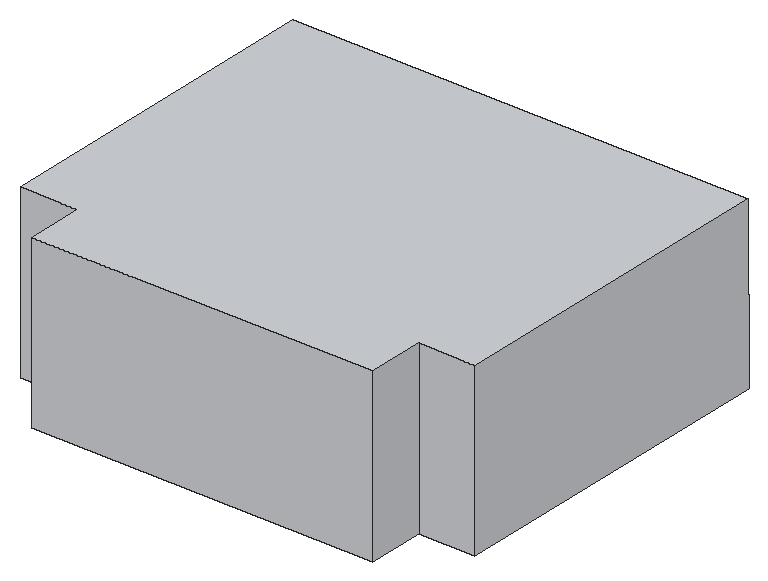
Revit family "M_T de redução retangular - DTL", category Conexões de duto, Revit 2019
Family settings
  Cota do conector redondo = Utilizar diâmetro
  Tipo de parte = Tê
  Número OmniClass = 23.75.70.14
  Título OmniClass = Air Ductwork
  ID de item do Seek = Rectangular Reducing Tee - DTL-0000-CAN-ENU
  Com base no plano de trabalho = Não
  Sempre na vertical = Sim
  Corte com vazios quando carregada = Não
  Compartilhado = Não
Parameters (values of type "Padrão")
  Saída reta à direita [instance] = 150 mm
  Saída reta à esquerda [instance] = 150 mm
  Entrada reta à direita [instance] = 150 mm
  Entrada reta à esquerda [instance] = 150 mm
  Deslocamento [instance] = (Saída da largura à esquerda - Saída da largura à direita) * 0.25 + Saída de meia largura à direita  # 450 mm
  Entrada de largura [instance] = 900 mm
  Saída da largura à direita [instance] = 900 mm
  Saída da largura à esquerda [instance] = 900 mm
  Comprimento 8 [instance] = 3048 mm + abs(Saída de meia largura à direita - Saída de meia largura à esquerda) / 2  # 3048 mm
  Saída de meia largura à direita [instance] = Saída da largura à direita / 2  # 450 mm
  Saída de meia largura à esquerda [instance] = Saída da largura à esquerda / 2  # 450 mm
  Comprimento 7 [instance] = Comprimento 6 + Saída da largura à direita / 2  # 1050 mm
  Comprimento 6 [instance] = if(Saída da largura à esquerda > Saída da largura à direita, Comprimento 5 - Saída de meia largura à direita, Comprimento 5 - Saída de meia largura à direita)  # 600 mm
  Comprimento 5 [instance] = if(Saída da largura à esquerda > Saída da largura à direita, Saída da largura à esquerda + Entrada reta à esquerda, Saída da largura à direita + Entrada reta à direita)  # 1050 mm
  Comprimento 4 [instance] = Entrada de largura / 2 + Saída reta à direita  # 600 mm
  Comprimento 3 [instance] = Entrada de largura / 2 + Saída reta à esquerda  # 600 mm
  Entrada de profundidade [instance] = 450 mm
Reference planes
  plane 1 "Centro (Frente/Trás)": y = 0
  plane 2: z = 0
  plane 3 "Centro (Esquerda/Direita)": x = 0
  plane 4: y = 450
  plane 5: y = 0
  plane 6: y = 0
  plane 7: y = -600
  plane 8: y = -3048
  plane 9: y = 0
  plane 10: y = 0.254
Forms (mm)
  Sweep 1, solid, detail levels medium+fine
    path in 3D
      loop
        line (0, 0, 0) -> (-600, 0, 0)
    profile "M_Duto - Retangular : Duto - Retangular 1" origin (-300, 0, 0) x (0, -1, 0) y (0, 0, 1)
      loop
        line (-450, 225) -> (-450, -225) -> (450, -225) -> (450, 225) -> (-450, 225)
  Sweep 2, solid, detail levels medium+fine
    path in 3D
      loop
        line (0, 0, 0) -> (600, 0, 0)
    profile "M_Duto - Retangular : Duto - Retangular 2" origin (300, 0, 0) x (0, 1, 0) y (0, 0, 1)
      loop
        line (-450, 225) -> (-450, -225) -> (450, -225) -> (450, 225) -> (-450, 225)
  Sweep 3, solid, detail levels medium+fine
    path in 3D
      loop
        line (0, 450, 0) -> (0, -600, 0)
    profile "M_Duto - Retangular : Duto - Retangular 3" origin (0, -75, 0) x (1, 0, 0) y (0, 0, 1)
      loop
        line (-450, 225) -> (-450, -225) -> (450, -225) -> (450, 225) -> (-450, 225)
Cuts and joins
  joined: Sweep 1, Sweep 2, Sweep 3
Lines and regions (mm)
  model lines, detail levels coarse
    curve 1: line (0, 0, 0) -> (-600, 0, 0)
    curve 2: line (0, 0, 0) -> (600, 0, 0)
    curve 9: line (0, 0.254, 0) -> (0, -600, 0)
  sketch lines
    curve 3: line (0, 0, 0) -> (-600, 0, 0)
    curve 4: line (0, 0, 0) -> (600, 0, 0)
    curve 6: line (0, 450, 0) -> (0, -600, 0)
  reference lines
    curve 5: line (0, 450, 0) -> (0, -600, 0)
    curve 7: line (0, -600, 0) -> (0, 450, 0)
    curve 8: line (0, 1217.724, 0) -> (0, 658.924, 0)
Dimensions and locks
  "Deslocamento": plane 1 "Centro (Frente/Trás)" to plane 4
  "Saída de meia largura à direita": plane 5 to plane 4
  "Saída de meia largura à esquerda": plane 6 to plane 4
  "Comprimento 3": curve 1 to curve 1
  "Comprimento 4": curve 2 to curve 2
  "Comprimento 5": curve 5 to curve 5
  "Comprimento 6": plane 7 to plane 5
  "Comprimento 7": curve 7 to curve 7
  locked: plane 1 "Centro (Frente/Trás)" to plane 8 at 3048
  "Comprimento 8": plane 9 to plane 8
  locked: plane 10 to plane 9 at 0.254
  aligned and locked: plane 6 to curve 1
  aligned and locked: plane 3 "Centro (Esquerda/Direita)" to curve 2
  aligned and locked: plane 4 to curve 5
  aligned and locked: curve 5 to plane 3 "Centro (Esquerda/Direita)"
  aligned and locked: plane 7 to curve 7
  aligned and locked: plane 3 "Centro (Esquerda/Direita)" to curve 7
  aligned and locked: curve 8 to plane 3 "Centro (Esquerda/Direita)"
  aligned and locked: plane 10 to curve 9
  aligned and locked: plane 7 to curve 9
  aligned and locked: curve 9 to plane 3 "Centro (Esquerda/Direita)"
Automatic sketch dimensions
  curve 8 to plane 4 = 208.924 mm
  curve 8 to curve 8 = 558.8 mm
  curve 1 to plane 3 "Centro (Esquerda/Direita)" = 0 mm
  plane 5 to curve 2 = 0 mm
Connectors
  hvac at (-600, 0, 0), driven by "Entrada de profundidade", driven by "Saída da largura à esquerda"
    settings: on Sweep 1, index 1, duct flow 0.0 L/s, flow factor 0, pres drop 0.0 Pa, loss coef 0, conn angle 0.00°, conn width 900 mm, conn height 450 mm, conn diameter 609.6 mm, duct sys type 28, conn prof type 1, flow config 0, flow direction 0, loss method 0, conn ref index 2, conn util no, is conn primary yes, conn desc ""
  hvac at (600, 0, 0), driven by "Entrada de profundidade", driven by "Saída da largura à direita"
    settings: on Sweep 2, index 2, duct flow 0.0 L/s, flow factor 0, pres drop 0.0 Pa, loss coef 0, conn angle 0.00°, conn width 900 mm, conn height 450 mm, conn diameter 609.6 mm, duct sys type 28, conn prof type 1, flow config 0, flow direction 0, loss method 0, conn ref index 1, conn util no, is conn primary no, conn desc ""
  hvac at (0, -600, 0), driven by "Entrada de profundidade", driven by "Entrada de largura"
    settings: on Sweep 3, index 3, duct flow 0.0 L/s, flow factor 0, pres drop 0.0 Pa, loss coef 0, conn angle 0.00°, conn width 900 mm, conn height 450 mm, conn diameter 609.6 mm, duct sys type 28, conn prof type 1, flow config 0, flow direction 0, loss method 0, conn ref index -1, conn util no, is conn primary no, conn desc ""
